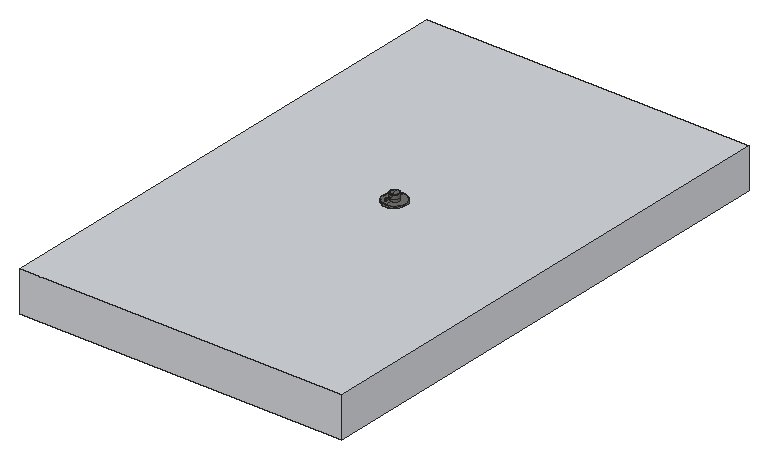
Revit family "Valve_Trim-Grohe-Essence-19348_Series", category Plumbing Fixtures, host Face, Revit 2014
Parameters (values of type "19347A01")
  Width = 6 11/16"  # constant formula
  Waste Connection = no
  Warranty Documentation Link = "https://cdn.cloud.grohe.com/tpi/1000/1900/1940/1949/1949006/original/1949006.pdf"
  WFU = 4  # constant formula
  Vent Connection = no
  URL = "https://www.grohe.us/"
  Type Comments = ""
  Tempered Connection Radius = Tempered Connection Diameter / 2  # 1/4"
  Tempered Connection Diameter = Hot Water Connection Diameter  # 1/2"
  Product Page URL = "https://www.grohe.us/en_us/essence-pressure-balance-valve-trim-19347A01.html"
  Price = "Prices may vary. Please consult Manufacturer Representative for most up-to-date price list."  # constant formula
  Model = "19347A01"
  Material = "Metal-Grohe-A01-Hard Graphite"
  Manufacturer = "Grohe"
  Length = 3 3/16"  # constant formula
  Installation Type = "Wall Mounted"
  Hot Water Connection Radius = Hot Water Connection Diameter / 2  # 1/4"
  Hot Water Connection Diameter = Cold Water Connection Diameter  # 1/2"
  Height = 40"
  HWFU = 3  # constant formula
  HW Connection = yes
  Flow Rate = ""
  Finish = Metal-Grohe-A01-Hard Graphite
  Description = "Essence Pressure Balance Valve Trim"  # constant formula
  Default Elevation = 44"  # constant formula
  Creation Date = "09/04/2019"  # constant formula
  Cold Water Connection Radius = 1/4"  # constant formula
  Cold Water Connection Diameter = Cold Water Connection Radius * 2  # 1/2"
  CWFU = 3  # constant formula
  CW Connection = yes
  Assembly Code = "D2010710"
  ADA Compliant = yes
Types (3): name | Product Page URL | Model | Material | Finish
  19347A01 | "https://www.grohe.us/en_us/essence-pressure-balance-valve-trim-19347A01.html" | "19347A01" | "Metal-Grohe-A01-Hard Graphite" | Metal-Grohe-A01-Hard Graphite
  19347BE1 | "https://www.grohe.us/en_us/essence-pressure-balance-valve-trim-19347BE1.html" | "19347BE1" | "Metal-Grohe-BE1-Polished Nickel" | Metal-Grohe-BE1-Polished Nickel
  19347GN1 | "https://www.grohe.us/en_us/essence-pressure-balance-valve-trim-19347GN1.html" | "19347GN1" | "Metal-Grohe-GN1-Brushed Cool Sunset" | Metal-Grohe-GN1-Brushed Cool Sunset
Reference planes (in)
  plane 1 "Center (Front/Back)": y = 0
  plane 2: z = 0
  plane 3 "Center (Left/Right)": x = 0
  plane 4: y = 40
  plane 5: y = -18
  plane 6: y = -39
  plane 7: x = -1.21875
  plane 8: x = 1.21875
  plane 9: x = -3.34375
  plane 10: x = 3.34375
  plane 11: z = 0.375
  plane 12: z = 4
  plane 13: y = 1.96875
  plane 14: y = -1.96875
  plane 15: z = 3.38878
  plane 16: z = 0.8125
Forms (in)
  Extrusion 1, solid
    sketch origin (0, 0, 0) x (1, 0, 0) y (0, 1, 0)
      loop
        line (-48, 72) -> (-48, -79.70833) -> (48, -79.70833) -> (48, 72) -> (-48, 72)
    from 0 to -12
  Revolve 2, solid, material "Metal-Grohe-A01-Hard Graphite" <- "Finish"
    sketch origin (0, 0, 0) x (0, 1, 0) y (0, 0, 1)
      loop
        line (3.42542, 0) -> (3.39559, 0.34096)
        arc (3.39559, 0.34096) -> (3.37568, 0.38275) -> (3.33324, 0.40126) r 0.06616
        arc (3.33324, 0.40126) -> (2.3065, 0.44655) -> (1.27909, 0.47187) r 52.87889
        line (1.27909, 0.47187) -> (1.27909, 1.1683) -> (1.1798, 1.1683) -> (1.1798, 1.22791) -> (1.27909, 1.22791) -> (1.27909, 2.383)
        arc (1.27909, 2.383) -> (1.27321, 2.40017) -> (1.25805, 2.41014) r 0.02803
        arc (1.25805, 2.41014) -> (1.23234, 2.41587) -> (1.20631, 2.4199) r 0.3999
        line (1.20631, 2.4199) -> (1.20631, 2.38785) -> (1.17501, 2.38785) -> (1.18933, 2.42158)
        arc (1.18933, 2.42158) -> (0.59707, 2.5018) -> (0, 2.52861) r 6.6616
        line (0, 2.52861) -> (0, 0) -> (3.42542, 0)
      axis (0, 2.52861) -> (0, 0)
    angle from 0 to 360
  Revolve 3, solid, material "Metal-Grohe-A01-Hard Graphite" <- "Finish"
    sketch origin (0, 0, 0) x (0, 1, 0) y (0, 0, 1)
      loop
        line (-3.42432, 1.82031) -> (-0.53235, 1.82031) -> (-0.53235, 1.97907) -> (-2.42485, 1.97907)
        arc (-2.42485, 1.97907) -> (-2.55147, 1.98349) -> (-2.67747, 1.99673) r 1.81514
        line (-2.67747, 1.99673) -> (-2.77401, 2.0103)
        arc (-2.77401, 2.0103) -> (-2.82122, 2.01526) -> (-2.86865, 2.01692) r 0.68003
        line (-2.86865, 2.01692) -> (-3.40233, 2.01692)
        arc (-3.40233, 2.01692) -> (-3.41788, 2.01048) -> (-3.42432, 1.99492) r 0.02199
        line (-3.42432, 1.99492) -> (-3.42432, 1.82031)
      axis (-3.42432, 1.82031) -> (-0.53235, 1.82031)
    angle from 0 to 360
Cuts and joins
  joined: Revolve 2, Revolve 3
Lines and regions (in)
  Masking region 1
    outline origin (0, 0, 0) x (1, 0, 0) y (0, 0, 1)
      loop
        line (3.42865, 0) -> (3.39196, 0.34903)
        arc (3.39196, 0.34903) -> (3.37392, 0.38551) -> (3.33646, 0.40143) r 0.05859
        arc (3.33646, 0.40143) -> (2.308, 0.44332) -> (1.27909, 0.47187) r 79.34973
        line (1.27909, 0.47187) -> (1.27909, 1.1683) -> (1.1798, 1.1683) -> (1.1798, 1.22791) -> (1.27909, 1.22791) -> (1.27909, 2.38386)
        arc (1.27909, 2.38386) -> (1.27276, 2.40145) -> (1.25667, 2.41097) r 0.0276
        arc (1.25667, 2.41097) -> (-0.00268, 2.53011) -> (-1.26189, 2.40942) r 6.6724
        arc (-1.26189, 2.40942) -> (-1.27439, 2.39926) -> (-1.27909, 2.38386) r 0.0276
        line (-1.27909, 2.38386) -> (-1.27909, 1.22791) -> (-1.1798, 1.22791) -> (-1.1798, 1.1683) -> (-1.27909, 1.1683) -> (-1.27909, 0.47187)
        arc (-1.27909, 0.47187) -> (-2.308, 0.44332) -> (-3.33646, 0.40143) r 79.34973
        arc (-3.33646, 0.40143) -> (-3.37392, 0.38551) -> (-3.39196, 0.34903) r 0.05859
        line (-3.39196, 0.34903) -> (-3.42865, 0) -> (3.42865, 0)
  symbolic lines, detail levels medium+fine
    curve 1: line (1.27909, 0, 0.47187) -> (-1.27909, 0, 0.47187)
  symbolic lines, detail levels fine
    curve 2: line (1.1798, 0, 1.22791) -> (-1.1798, 0, 1.22791)
    curve 3: line (1.1798, 0, 1.1683) -> (-1.1798, 0, 1.1683)
Dimensions and locks (in)
  plane 1 "Center (Front/Back)" to plane 5 = 18"
  plane 5 to plane 6 = 21"
  plane 1 "Center (Front/Back)" to plane 4 = 40"
  plane 11 to level = 3/8"
  plane 12 to level = 4"
  level to plane 15 = 3.38878"
  plane 16 to level = 13/16"
  aligned and locked: plane 2 to Extrusion 1
  aligned and locked: level to Extrusion 1
Connectors (in)
  piping at (0, 0, 0), diameter 0.5, driven by "Tempered Connection Diameter"
    settings: on cut or joined group of Revolve 2, Revolve 3, index 1, connector inside diameter 24", connector length 0", flow factor 0, pipe flow 0 GPM, pressure drop 0.00 psi, fitting loss kfactor 0, connector angle 0.00°, fixture units 0, engagement length 0", angle of deflection 0.00°, flow configuration 0, flow direction 1, fitting loss method 0, system type 29, joint type 0, gender type 0, connector reference index -1, connector utility 0, adjustable connector no, is connector primary yes, connector description "1/2\" NPT Supply Inlet"
